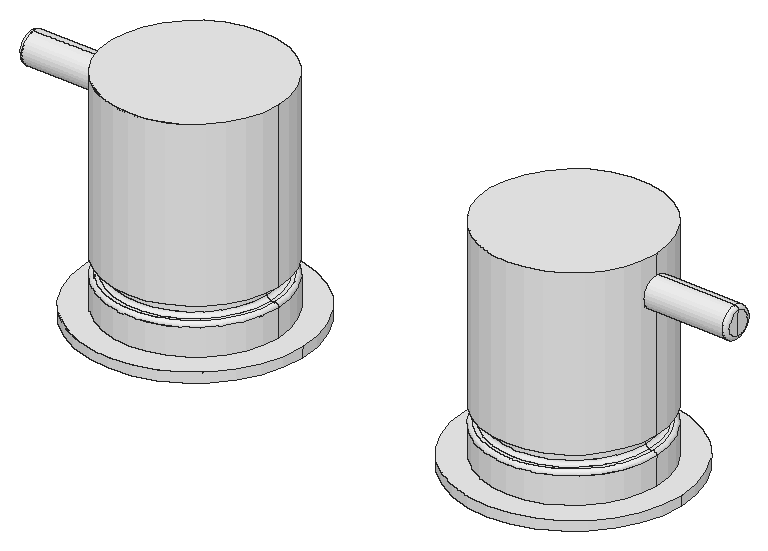
Revit family "Coolibah-contemporary-lever-wall-top-assem-90332C", category Plumbing Fixtures, host Face, Revit 2015
Parameters (values of type "Coolibah-contemporary-lever-wall-top-assem-90332C")
  Waste Connection = no
  Vent Connection = no
  URL = "https://www.caroma.com.au/"
  Model = "90332C"
  Material_Base = GWA_Metal-Chrome
  Manufacturer = "GWA Bathrooms & Kitchens"  # constant formula
  HW Connection = yes
  Description = "Coolibah-contemporary-lever-wall-top-assem"
  Default Elevation = 900 mm
  CreatedBy_ANZRS = "GWA Bathrooms & Kitchens"  # constant formula
  CW Connection = yes
  Assembly Code = "D2020300"
Reference planes
  plane 1 "Center (Front/Back)": y = 0
  plane 2: z = 0
  plane 3 "Center (Left/Right)": x = 0
  plane 4 "Hot Handle": x = 50
  plane 5 "Cold Handle": x = -50
Forms (mm)
  Revolve 1, solid, material "GWA_Metal-Chrome" <- "Material_Base"
    sketch origin (50, 0, 0) x (1, 0, 0) y (0, 0, 1)
      loop
        line (-100, 2.5) -> (-100, 14.5) -> (-119, 14.5) -> (-119, 11.5)
        arc (-119, 11.5) -> (-119.293, 10.793) -> (-120, 10.5) r 1
        line (-120, 10.5) -> (-121, 10.5)
        arc (-121, 10.5) -> (-121.707, 10.207) -> (-122, 9.5) r 1
        line (-122, 9.5) -> (-122, 2.5) -> (-100, 2.5)
      axis (-100, 14.5) -> (-100, 2.5)
    angle from 0 to 360
  Extrusion 2, solid, material "GWA_Metal-Chrome" <- "Material_Base"
    sketch origin (50, 0, 0) x (1, 0, 0) y (0, 1, 0)
      loop
        circle (-100, 0) r 22
    from 14.5 to 57.5
  Revolve 3, solid, material "GWA_Metal-Chrome" <- "Material_Base"
    sketch origin (50, 0, 5.11) x (1, 0, 0) y (0, 0, 1)
      loop
        line (-115, 47.39) -> (-142.5, 47.39)
        arc (-142.5, 47.39) -> (-143.207, 47.098) -> (-143.5, 46.39) r 1
        line (-143.5, 46.39) -> (-143.5, 43.39) -> (-115, 43.39) -> (-115, 47.39)
      axis (-115, 43.39) -> (-143.5, 43.39)
    angle from 0 to 360
  Extrusion 4, solid, material "GWA_Metal-Chrome" <- "Material_Base"
    sketch origin (0, 0, 0) x (1, 0, 0) y (0, 1, 0)
      loop
        circle (-50, 0) r 28.5
    from 0 to 2.5
  Revolve 5, solid, material "GWA_Metal-Chrome" <- "Material_Base"
    sketch origin (-50, 0, 0) x (-1, 0, 0) y (0, 0, 1)
      loop
        line (-100, 2.5) -> (-100, 14.5) -> (-119, 14.5) -> (-119, 11.5)
        arc (-119, 11.5) -> (-119.293, 10.793) -> (-120, 10.5) r 1
        line (-120, 10.5) -> (-121, 10.5)
        arc (-121, 10.5) -> (-121.707, 10.207) -> (-122, 9.5) r 1
        line (-122, 9.5) -> (-122, 2.5) -> (-100, 2.5)
      axis (-100, 14.5) -> (-100, 2.5)
    angle from 0 to 360
  Extrusion 6, solid, material "GWA_Metal-Chrome" <- "Material_Base"
    sketch origin (-50, 0, 0) x (-1, 0, 0) y (0, -1, 0)
      loop
        circle (-100, 0) r 22
    from 14.5 to 57.5
  Revolve 7, solid, material "GWA_Metal-Chrome" <- "Material_Base"
    sketch origin (-50, 0, 5.11) x (-1, 0, 0) y (0, 0, 1)
      loop
        line (-115, 47.39) -> (-142.5, 47.39)
        arc (-142.5, 47.39) -> (-143.207, 47.098) -> (-143.5, 46.39) r 1
        line (-143.5, 46.39) -> (-143.5, 43.39) -> (-115, 43.39) -> (-115, 47.39)
      axis (-115, 43.39) -> (-143.5, 43.39)
    angle from 0 to 360
  Extrusion 8, solid, material "GWA_Metal-Chrome" <- "Material_Base"
    sketch origin (0, 0, 0) x (-1, 0, 0) y (0, -1, 0)
      loop
        circle (-50, 0) r 28.5
    from 0 to 2.5
Lines and regions (mm)
  Masking region 1
    outline origin (50, 0, 0) x (1, 0, 0) y (0, 1, 0)
      loop
        arc (-128.218, -4) -> (-71.5, 0) -> (-128.218, 4) r 28.5
        line (-128.218, 4) -> (-142.5, 4)
        arc (-142.5, 4) -> (-143.207, 3.707) -> (-143.5, 3) r 1
        line (-143.5, 3) -> (-143.5, -3)
        arc (-143.5, -3) -> (-143.207, -3.707) -> (-142.5, -4) r 1
        line (-142.5, -4) -> (-128.218, -4)
  Masking region 2
    outline origin (-50, 0, 0) x (-1, 0, 0) y (0, -1, 0)
      loop
        line (-128.218, 4) -> (-142.5, 4)
        arc (-142.5, 4) -> (-143.207, 3.707) -> (-143.5, 3) r 1
        line (-143.5, 3) -> (-143.5, -3)
        arc (-143.5, -3) -> (-143.207, -3.707) -> (-142.5, -4) r 1
        line (-142.5, -4) -> (-128.218, -4)
        arc (-128.218, -4) -> (-71.5, 0) -> (-128.218, 4) r 28.5
  Masking region 3
    outline origin (50, 0, 0) x (1, 0, 0) y (0, 0, 1)
      loop
        line (-78, 57.5) -> (-122, 57.5) -> (-122, 52.5) -> (-142.5, 52.5)
        arc (-142.5, 52.5) -> (-143.207, 52.207) -> (-143.5, 51.5) r 1
        line (-143.5, 51.5) -> (-143.5, 45.5)
        arc (-143.5, 45.5) -> (-143.207, 44.793) -> (-142.5, 44.5) r 1
        line (-142.5, 44.5) -> (-122, 44.5) -> (-122, 14.5) -> (-119, 14.5) -> (-119, 11.5)
        arc (-119, 11.5) -> (-119.293, 10.793) -> (-120, 10.5) r 1
        line (-120, 10.5) -> (-121, 10.5)
        arc (-121, 10.5) -> (-121.707, 10.207) -> (-122, 9.5) r 1
        line (-122, 9.5) -> (-122, 2.5) -> (-128.5, 2.5) -> (-128.5, 0) -> (-71.5, 0) -> (-71.5, 2.5) -> (-78, 2.5) -> (-78, 9.5)
        arc (-78, 9.5) -> (-78.293, 10.207) -> (-79, 10.5) r 1
        line (-79, 10.5) -> (-80, 10.5)
        arc (-80, 10.5) -> (-80.707, 10.793) -> (-81, 11.5) r 1
        line (-81, 11.5) -> (-81, 14.5) -> (-78, 14.5) -> (-78, 57.5)
  Masking region 4
    outline origin (-50, 0, 0) x (-1, 0, 0) y (0, 0, -1)
      loop
        line (-78, -57.5) -> (-78, -14.5) -> (-81, -14.5) -> (-81, -11.5)
        arc (-81, -11.5) -> (-80.707, -10.793) -> (-80, -10.5) r 1
        line (-80, -10.5) -> (-79, -10.5)
        arc (-79, -10.5) -> (-78.293, -10.207) -> (-78, -9.5) r 1
        line (-78, -9.5) -> (-78, -2.5) -> (-71.5, -2.5) -> (-71.5, 0) -> (-128.5, 0) -> (-128.5, -2.5) -> (-122, -2.5) -> (-122, -9.5)
        arc (-122, -9.5) -> (-121.707, -10.207) -> (-121, -10.5) r 1
        line (-121, -10.5) -> (-120, -10.5)
        arc (-120, -10.5) -> (-119.293, -10.793) -> (-119, -11.5) r 1
        line (-119, -11.5) -> (-119, -14.5) -> (-122, -14.5) -> (-122, -44.5) -> (-142.5, -44.5)
        arc (-142.5, -44.5) -> (-143.207, -44.793) -> (-143.5, -45.5) r 1
        line (-143.5, -45.5) -> (-143.5, -51.5)
        arc (-143.5, -51.5) -> (-143.207, -52.207) -> (-142.5, -52.5) r 1
        line (-142.5, -52.5) -> (-122, -52.5) -> (-122, -57.5) -> (-78, -57.5)
  Masking region 5
    outline origin (0, -120.023, 0) x (0, 1, 0) y (0, 0, 1)
      loop
        line (98.023, 57.5) -> (98.023, 14.5) -> (101.023, 14.5) -> (101.023, 11.5)
        arc (101.023, 11.5) -> (100.73, 10.793) -> (100.023, 10.5) r 1
        line (100.023, 10.5) -> (99.023, 10.5)
        arc (99.023, 10.5) -> (98.316, 10.207) -> (98.023, 9.5) r 1
        line (98.023, 9.5) -> (98.023, 2.5) -> (91.523, 2.5) -> (91.523, 0) -> (148.523, 0) -> (148.523, 2.5) -> (142.023, 2.5) -> (142.023, 9.5)
        arc (142.023, 9.5) -> (141.73, 10.207) -> (141.023, 10.5) r 1
        line (141.023, 10.5) -> (140.023, 10.5)
        arc (140.023, 10.5) -> (139.316, 10.793) -> (139.023, 11.5) r 1
        line (139.023, 11.5) -> (139.023, 14.5) -> (142.023, 14.5) -> (142.023, 57.5) -> (98.023, 57.5)
  symbolic lines
    curve 1: circle (-50, 0, 0) r 22 normal (0, 0, 1)
    curve 2: line (-71.633, 4, 0) -> (-92.5, 4, 0)
    curve 3: line (-71.633, -4, 0) -> (-92.5, -4, 0)
    curve 4: line (-93.5, -3, 0) -> (-93.5, 3, 0)
    curve 5: arc (-93.5, -3, 0) -> (-93.207, -3.707, 0) -> (-92.5, -4, 0) r 1
    curve 6: arc (-93.5, 3, 0) -> (-93.207, 3.707, 0) -> (-92.5, 4, 0) r 1
    curve 7: arc (-78.218, -4, 0) -> (-21.5, 0, 0) -> (-78.218, 4, 0) r 28.5
    curve 8: circle (50, 0, 0) r 22 normal (0, 0, -1)
    curve 9: line (71.633, 4, 0) -> (92.5, 4, 0)
    curve 10: line (71.633, -4, 0) -> (92.5, -4, 0)
    curve 11: line (93.5, -3, 0) -> (93.5, 3, 0)
    curve 12: arc (93.5, -3, 0) -> (93.207, -3.707, 0) -> (92.5, -4, 0) r 1
    curve 13: arc (93.5, 3, 0) -> (93.207, 3.707, 0) -> (92.5, 4, 0) r 1
    curve 14: arc (78.218, -4, 0) -> (21.5, 0, 0) -> (78.218, 4, 0) r 28.5
    curve 15: line (-72, 0, 57.5) -> (-28, 0, 57.5)
    curve 16: line (-28, 0, 57.5) -> (-28, 0, 14.5)
    curve 17: line (-72, 0, 14.5) -> (-72, 0, 44.5)
    curve 18: line (-93.5, 0, 51.5) -> (-93.5, 0, 45.5)
    curve 19: line (-72, 0, 44.5) -> (-92.5, 0, 44.5)
    curve 20: line (-72, 0, 52.5) -> (-92.5, 0, 52.5)
    curve 21: line (-78.5, 0, 0) -> (-78.5, 0, 2.5)
    curve 22: line (-78.5, 0, 2.5) -> (-21.5, 0, 2.5)
    curve 23: line (-21.5, 0, 2.5) -> (-21.5, 0, 0)
    curve 24: line (-21.5, 0, 0) -> (-78.5, 0, 0)
    curve 25: line (-72, 0, 2.5) -> (-72, 0, 9.5)
    curve 26: line (-28, 0, 2.5) -> (-28, 0, 9.5)
    curve 27: line (-31, 0, 14.5) -> (-31, 0, 11.5)
    curve 28: line (-69, 0, 14.5) -> (-69, 0, 11.5)
    curve 29: line (-29, 0, 10.5) -> (-30, 0, 10.5)
    curve 30: line (-72, 0, 14.5) -> (-28, 0, 14.5)
    curve 31: line (-70, 0, 10.5) -> (-71, 0, 10.5)
    curve 32: arc (-72, 0, 9.5) -> (-71.707, 0, 10.207) -> (-71, 0, 10.5) r 1
    curve 33: arc (-70, 0, 10.5) -> (-69.293, 0, 10.793) -> (-69, 0, 11.5) r 1
    curve 34: arc (-31, 0, 11.5) -> (-30.707, 0, 10.793) -> (-30, 0, 10.5) r 1
    curve 35: arc (-29, 0, 10.5) -> (-28.293, 0, 10.207) -> (-28, 0, 9.5) r 1
    curve 36: line (-30, 0, 10.5) -> (-70, 0, 10.5)
    curve 37: arc (-92.5, 0, 52.5) -> (-93.207, 0, 52.207) -> (-93.5, 0, 51.5) r 1
    curve 38: arc (-93.5, 0, 45.5) -> (-93.207, 0, 44.793) -> (-92.5, 0, 44.5) r 1
    curve 39: line (-72, 0, 52.5) -> (-72, 0, 57.5)
    curve 40: arc (-72, 0, 52.5) -> (-70.623, 0, 48.5) -> (-72, 0, 44.5) r 6.5
    curve 41: line (72, 0, 57.5) -> (28, 0, 57.5)
    curve 42: line (28, 0, 57.5) -> (28, 0, 14.5)
    curve 43: line (72, 0, 14.5) -> (72, 0, 44.5)
    curve 44: line (93.5, 0, 51.5) -> (93.5, 0, 45.5)
    curve 45: line (72, 0, 44.5) -> (92.5, 0, 44.5)
    curve 46: line (72, 0, 52.5) -> (92.5, 0, 52.5)
    curve 47: line (78.5, 0, 0) -> (78.5, 0, 2.5)
    curve 48: line (78.5, 0, 2.5) -> (21.5, 0, 2.5)
    curve 49: line (21.5, 0, 2.5) -> (21.5, 0, 0)
    curve 50: line (21.5, 0, 0) -> (78.5, 0, 0)
    curve 51: line (72, 0, 2.5) -> (72, 0, 9.5)
    curve 52: line (28, 0, 2.5) -> (28, 0, 9.5)
    curve 53: line (31, 0, 14.5) -> (31, 0, 11.5)
    curve 54: line (69, 0, 14.5) -> (69, 0, 11.5)
    curve 55: line (29, 0, 10.5) -> (30, 0, 10.5)
    curve 56: line (72, 0, 14.5) -> (28, 0, 14.5)
    curve 57: line (70, 0, 10.5) -> (71, 0, 10.5)
    curve 58: arc (72, 0, 9.5) -> (71.707, 0, 10.207) -> (71, 0, 10.5) r 1
    curve 59: arc (70, 0, 10.5) -> (69.293, 0, 10.793) -> (69, 0, 11.5) r 1
    curve 60: arc (31, 0, 11.5) -> (30.707, 0, 10.793) -> (30, 0, 10.5) r 1
    curve 61: arc (29, 0, 10.5) -> (28.293, 0, 10.207) -> (28, 0, 9.5) r 1
    curve 62: line (30, 0, 10.5) -> (70, 0, 10.5)
    curve 63: arc (92.5, 0, 52.5) -> (93.207, 0, 52.207) -> (93.5, 0, 51.5) r 1
    curve 64: arc (93.5, 0, 45.5) -> (93.207, 0, 44.793) -> (92.5, 0, 44.5) r 1
    curve 65: line (72, 0, 52.5) -> (72, 0, 57.5)
    curve 66: arc (72, 0, 52.5) -> (70.623, 0, 48.5) -> (72, 0, 44.5) r 6.5
    curve 67: line (0, -28.5, 0) -> (0, -28.5, 2.5)
    curve 68: line (0, -28.5, 2.5) -> (0, 28.5, 2.5)
    curve 69: line (0, 28.5, 2.5) -> (0, 28.5, 0)
    curve 70: line (0, 28.5, 0) -> (0, -28.5, 0)
    curve 71: line (0, -22, 14.5) -> (0, -22, 57.5)
    curve 72: line (0, -22, 57.5) -> (0, 22, 57.5)
    curve 73: line (0, 22, 57.5) -> (0, 22, 14.5)
    curve 74: line (0, -22, 9.5) -> (0, -22, 2.5)
    curve 75: line (0, -20, 10.5) -> (0, -21, 10.5)
    curve 76: line (0, -22, 14.5) -> (0, 22, 14.5)
    curve 77: line (0, 22, 9.5) -> (0, 22, 2.5)
    curve 78: arc (0, -22, 9.5) -> (0, -21.707, 10.207) -> (0, -21, 10.5) r 1
    curve 79: line (0, -19, 11.5) -> (0, -19, 14.5)
    curve 80: arc (0, -20, 10.5) -> (0, -19.293, 10.793) -> (0, -19, 11.5) r 1
    curve 81: line (0, 20, 10.5) -> (0, 21, 10.5)
    curve 82: arc (0, 22, 9.5) -> (0, 21.707, 10.207) -> (0, 21, 10.5) r 1
    curve 83: line (0, 19, 11.5) -> (0, 19, 14.5)
    curve 84: arc (0, 20, 10.5) -> (0, 19.293, 10.793) -> (0, 19, 11.5) r 1
    curve 85: line (0, -20, 10.5) -> (0, 20, 10.5)
    curve 86: circle (0, 0, 48.5) r 4 normal (1, 0, 0)
Dimensions and locks
  aligned and locked: plane 2 to host face
  aligned and locked: level to host face
Connectors
  piping at (50, 0, 0), diameter 20
    settings: index 1, connector inside diameter 609.6 mm, connector length 0 mm, flow factor 0, pipe flow 0.0 L/s, pressure drop 0.0 Pa, fitting loss kfactor 0, connector angle 0.00°, fixture units 0, engagement length 0 mm, angle of deflection 0.00°, flow configuration 3, flow direction 1, fitting loss method 0, system type 20, joint type 0, gender type 0, connector reference index -1, connector utility 0, adjustable connector no, is connector primary yes, connector description ""
  piping at (-50, 0, 0), diameter 20
    settings: index 2, connector inside diameter 609.6 mm, connector length 0 mm, flow factor 0, pipe flow 0.0 L/s, pressure drop 0.0 Pa, fitting loss kfactor 0, connector angle 0.00°, fixture units 0, engagement length 0 mm, angle of deflection 0.00°, flow configuration 3, flow direction 1, fitting loss method 0, system type 19, joint type 0, gender type 0, connector reference index -1, connector utility 0, adjustable connector no, is connector primary no, connector description ""
